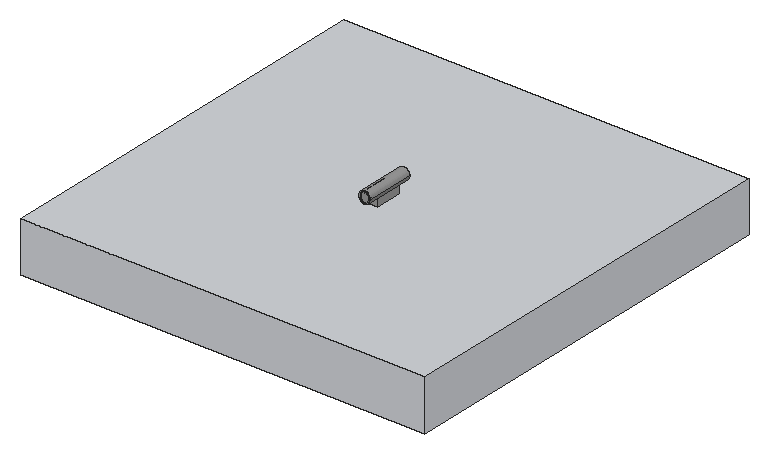
Revit family "LAMP_LUP WALL 70 DIRECT", category Luminarias, Revit 2018 (continued)
Parameters (values of type "665LM 3000 ASYM BLACK")
     151.71 \r\n124.01 101.00 82.60 67.24 55.54 49.55 45.02 41.24 38.31 \r\n35.64 33.17 30.29 27.19 23.86 20.08 16.76 13.97 11.75 \r\n9.96 8.61 7.71 6.80 5.85 5.00 4.29 3.73 3.20 2.74 2.35 \r\n2.08 1.86 1.65 1.36 1.00 0.60 0.32 0.17 0.00 0.00 0.00 \r\n0.00 0.00 0.00 0.00 0.00 0.00 0.00 0.00 0.00 0.00 0.00 \r\n0.00 0.00 0.00 0.00 0.00 0.00 0.00 0.00 0.00 0.00 0.00 \r\n0.00 0.00 0.00 0.00 0.00 0.00 0.00 0.00 0.00 0.00 0.00 \r\n0.00 0.00 0.00 0.00 0.00 0.00 0.00 0.00 0.00 0.00 \r\n455.10 402.91 356.79 312.43 268.95 229.36 194.20 163.44 \r\n135.89 111.90 91.67 74.60 60.81 53.34 47.70 43.15 39.85 \r\n37.10 34.34 31.05 27.86 24.33 20.44 16.99 14.12 11.88 \r\n10.10 8.77 7.85 6.92 5.93 5.06 4.34 3.77 3.25 2.77 2.36 \r\n2.07 1.84 1.63 1.35 0.99 0.60 0.32 0.17 0.00 0.00 0.00 \r\n0.00 0.00 0.00 0.00 0.00 0.00 0.00 0.00 0.00 0.00 0.00 \r\n0.00 0.00 0.00 0.00 0.00 0.00 0.00 0.00 0.00 0.00 0.00 \r\n0.00 0.00 0.00 0.00 0.00 0.00 0.00 0.00 0.00 0.00 0.00 \r\n0.00 0.00 0.00 0.00 0.00 0.00 0.00 0.00 0.00 0.00 \r\n455.10 405.84 362.02 319.55 278.26 240.51 206.54 176.46 \r\n149.42 125.26 104.52 86.85 72.52 64.39 57.56 51.83 46.54 \r\n41.69 37.32 33.06 29.03 25.22 21.06 17.43 14.41 12.09 \r\n10.26 8.90 7.97 7.03 6.04 5.15 4.41 3.82 3.29 2.81 2.38 \r\n2.08 1.83 1.61 1.33 0.99 0.60 0.32 0.17 0.00 0.00 0.00 \r\n0.00 0.00 0.00 0.00 0.00 0.00 0.00 0.00 0.00 0.00 0.00 \r\n0.00 0.00 0.00 0.00 0.00 0.00 0.00 0.00 0.00 0.00 0.00 \r\n0.00 0.00 0.00 0.00 0.00 0.00 0.00 0.00 0.00 0.00 0.00 \r\n0.00 0.00 0.00 0.00 0.00 0.00 0.00 0.00 0.00 0.00 \r\n455.10 408.83 367.33 327.16 287.82 251.83 219.38 190.15 \r\n164.08 141.12 121.05 103.41 88.66 78.20 69.45 61.78 54.09 \r\n47.09 40.77 35.15 30.30 26.14 21.73 17.90 14.71 12.32 \r\n10.43 9.00 8.08 7.13 6.15 5.24 4.49 3.88 3.34 2.84 2.41 \r\n2.09 1.83 1.59 1.31 0.97 0.60 0.32 0.16 0.00 0.00 0.00 \r\n0.00 0.00 0.00 0.00 0.00 0.00 0.00 0.00 0.00 0.00 0.00 \r\n0.00 0.00 0.00 0.00 0.00 0.00 0.00 0.00 0.00 0.00 0.00 \r\n0.00 0.00 0.00 0.00 0.00 0.00 0.00 0.00 0.00 0.00 0.00 \r\n0.00 0.00 0.00 0.00 0.00 0.00 0.00 0.00 0.00 0.00 \r\n455.10 411.86 372.96 334.86 297.56 263.30 232.58 204.60 \r\n179.43 157.30 137.51 119.93 104.39 92.20 81.48 71.92 \r\n61.81 52.47 44.18 37.26 31.58 27.05 22.40 18.37 15.00 \r\n12.54 10.60 9.14 8.19 7.24 6.27 5.34 4.56 3.92 3.38 2.88 \r\n2.44 2.10 1.82 1.57 1.30 0.96 0.60 0.32 0.16 0.00 0.00 \r\n0.00 0.00 0.00 0.00 0.00 0.00 0.00 0.00 0.00 0.00 0.00 \r\n0.00 0.00 0.00 0.00 0.00 0.00 0.00 0.00 0.00 0.00 0.00 \r\n0.00 0.00 0.00 0.00 0.00 0.00 0.00 0.00 0.00 0.00 0.00 \r\n0.00 0.00 0.00 0.00 0.00 0.00 0.00 0.00 0.00 0.00 0.00 \r\n455.10 414.94 378.75 342.63 307.46 274.89 245.84 218.98 \r\n194.78 173.49 154.02 136.20 120.00 106.12 93.46 81.88 \r\n69.36 57.87 47.58 39.34 32.85 27.97 23.07 18.84 15.28 \r\n12.77 10.76 9.28 8.30 7.34 6.38 5.43 4.63 3.98 3.42 2.92 \r\n2.46 2.11 1.82 1.56 1.28 0.95 0.59 0.32 0.17 0.00 0.00 \r\n0.00 0.00 0.00 0.00 0.00 0.00 0.00 0.00 0.00 0.00 0.00 \r\n0.00 0.00 0.00 0.00 0.00 0.00 0.00 0.00 0.00 0.00 0.00 \r\n0.00 0.00 0.00 0.00 0.00 0.00 0.00 0.00 0.00 0.00 0.00 \r\n0.00 0.00 0.00 0.00 0.00 0.00 0.00 0.00 0.00 0.00 0.00 \r\n455.10 418.07 384.60 350.49 317.38 286.53 259.10 233.26 \r\n210.20 189.56 170.54 152.67 135.81 119.87 105.34 91.87 \r\n77.02 63.26 51.07 41.45 34.12 28.87 23.74 19.30 15.63 \r\n12.99 10.93 9.39 8.41 7.45 6.49 5.53 4.70 4.03 3.46 2.95 \r\n2.49 2.13 1.82 1.53 1.26 0.94 0.58 0.32 0.17 0.00 0.00 \r\n0.00 0.00 0.00 0.00 0.00 0.00 0.00 0.00 0.00 0.00 0.00 \r\n0.00 0.00 0.00 0.00 0.00 0.00 0.00 0.00 0.00 0.00 0.00 \r\n0.00 0.00 0.00 0.00 0.00 0.00 0.00 0.00 0.00 0.00 0.00 \r\n0.00 0.00 0.00 0.00 0.00 0.00 0.00 0.00 0.00 0.00 0.00 \r\n455.10 421.23 390.50 358.42 327.39 298.23 272.42 247.59 \r\n225.50 205.75 187.07 169.08 151.65 133.74 117.29 102.04 \r\n84.63 68.66 54.33 43.56 35.40 29.79 24.42 19.77 15.90 \r\n13.22 11.10 9.53 8.52 7.55 6.60 5.61 4.78 4.08 3.51 2.99 \r\n2.52 2.14 1.81 1.51 1.24 0.93 0.58 0.32 0.17 0.00 0.00 \r\n0.00 0.00 0.00 0.00 0.00 0.00 0.00 0.00 0.00 0.00 0.00 \r\n0.00 0.00 0.00 0.00 0.00 0.00 0.00 0.00 0.00 0.00 0.00 \r\n0.00 0.00 0.00 0.00 0.00 0.00 0.00 0.00 0.00 0.00 0.00 \r\n0.00 0.00 0.00 0.00 0.00 0.00 0.00 0.00 0.00 0.00 0.00 \r\n455.10 424.48 396.46 366.56 337.54 310.15 285.87 262.09 \r\n241.10 221.91 204.03 185.52 168.09 147.74 129.95 112.17 \r\n92.25 74.59 58.04 45.65 36.67 30.73 25.07 20.24 16.23 \r\n13.45 11.27 9.66 8.63 7.66 6.71 5.71 4.85 4.14 3.55 3.02 \r\n2.55 2.16 1.80 1.50 1.23 0.92 0.57 0.32 0.17 0.00 0.00 \r\n0.00 0.00 0.00 0.00 0.00 0.00 0.00 0.00 0.00 0.00 0.00 \r\n0.00 0.00 0.00 0.00 0.00 0.00 0.00 0.00 0.00 0.00 0.00 \r\n0.00 0.00 0.00 0.00 0.00 0.00 0.00 0.00 0.00 0.00 0.00 \r\n0.00 0.00 0.00 0.00 0.00 0.00 0.00 0.00 0.00 0.00 0.00 \r\n455.10 427.86 402.48 375.13 347.84 322.61 299.42 277.36 \r\n256.92 239.40 221.48 204.40 186.09 166.61 146.88 129.10 \r\n107.82 87.33 68.87 53.32 41.70 33.39 26.57 21.04 16.77 \r\n13.91 11.62 9.87 8.82 7.81 6.84 5.83 4.94 4.22 3.61 3.07 \r\n2.58 2.17 1.81 1.50 1.21 0.90 0.57 0.31 0.17 0.00 0.00 \r\n0.00 0.00 0.00 0.00 0.00 0.00 0.00 0.00 0.00 0.00 0.00 \r\n0.00 0.00 0.00 0.00 0.00 0.00 0.00 0.00 0.00 0.00 0.00 \r\n0.00 0.00 0.00 0.00 0.00 0.00 0.00 0.00 0.00 0.00 0.00 \r\n0.00 0.00 0.00 0.00 0.00 0.00 0.00 0.00 0.00 0.00 0.00 \r\n455.10 431.28 408.54 383.80 358.34 335.15 313.53 292.78 \r\n273.89 257.13 240.67 224.17 207.35 188.53 170.29 152.51 \r\n130.46 108.36 86.51 66.74 50.42 37.89 28.89 22.21 17.72 \r\n14.62 12.17 10.29 9.09 8.01 7.00 5.97 5.07 4.32 3.69 3.13 \r\n2.61 2.20 1.83 1.49 1.20 0.90 0.56 0.31 0.17 0.00 0.00 \r\n0.00 0.00 0.00 0.00 0.00 0.00 0.00 0.00 0.00 0.00 0.00 \r\n0.00 0.00 0.00 0.00 0.00 0.00 0.00 0.00 0.00 0.00 0.00 \r\n0.00 0.00 0.00 0.00 0.00 0.00 0.00 0.00 0.00 0.00 0.00 \r\n0.00 0.00 0.00 0.00 0.00 0.00 0.00 0.00 0.00 0.00 0.00 \r\n455.10 434.71 414.64 392.57 369.26 347.80 327.82 308.40 \r\n290.91 275.24 259.87 244.48 228.69 211.12 193.72 176.55 \r\n153.42 129.40 104.64 80.09 59.16 42.15 31.19 23.37 18.56 \r\n15.34 12.72 10.65 9.35 8.22 7.15 6.10 5.19 4.42 3.78 3.19 \r\n2.65 2.23 1.85 1.49 1.20 0.89 0.56 0.31 0.16 0.00 0.00 \r\n0.00 0.00 0.00 0.00 0.00 0.00 0.00 0.00 0.00 0.00 0.00 \r\n0.00 0.00 0.00 0.00 0.00 0.00 0.00 0.00 0.00 0.00 0.00 \r\n0.00 0.00 0.00 0.00 0.00 0.00 0.00 0.00 0.00 0.00 0.00 \r\n0.00 0.00 0.00 0.00 0.00 0.00 0.00 0.00 0.00 0.00 0.00 \r\n455.10 438.17 420.79 401.44 380.28 360.52 342.17 324.14 \r\n307.87 293.36 279.10 264.76 250.08 233.72 217.12 200.31 \r\n176.37 150.42 122.63 93.43 67.90 46.37 33.51 24.54 19.37 \r\n16.06 13.26 11.00 9.62 8.41 7.31 6.24 5.31 4.52 3.85 3.24 \r\n2.69 2.26 1.86 1.50 1.19 0.87 0.55 0.30 0.16 0.00 0.00 \r\n0.00 0.00 0.00 0.00 0.00 0.00 0.00 0.00 0.00 0.00 0.00 \r\n0.00 0.00 0.00 0.00 0.00 0.00 0.00 0.00 0.00 0.00 0.00 \r\n0.00 0.00 0.00 0.00 0.00 0.00 0.00 0.00 0.00 0.00 0.00 \r\n0.00 0.00 0.00 0.00 0.00 0.00 0.00 0.00 0.00 0.00 0.00 \r\n455.10 441.65 427.10 410.38 391.39 373.32 356.36 339.85 \r\n324.92 311.48 298.28 285.05 271.51 256.33 240.51 223.77 \r\n199.32 171.44 140.62 106.81 76.65 51.19 35.83 25.72 20.32 \r\n16.77 13.81 11.32 9.89 8.61 7.46 6.38 5.44 4.63 3.93 3.30 \r\n2.73 2.29 1.88 1.50 1.18 0.86 0.54 0.30 0.16 0.00 0.00 \r\n0.00 0.00 0.00 0.00 0.00 0.00 0.00 0.00 0.00 0.00 0.00 \r\n0.00 0.00 0.00 0.00 0.00 0.00 0.00 0.00 0.00 0.00 0.00 \r\n0.00 0.00 0.00 0.00 0.00 0.00 0.00 0.00 0.00 0.00 0.00 \r\n0.00 0.00 0.00 0.00 0.00 0.00 0.00 0.00 0.00 0.00 0.00 \r\n455.10 445.14 433.45 419.34 402.59 386.22 370.68 355.54 \r\n341.84 329.57 317.50 305.38 292.95 278.89 263.90 247.32 \r\n222.24 192.49 158.68 120.19 85.41 55.85 38.14 26.88 21.23 \r\n17.49 14.35 11.70 10.16 8.81 7.62 6.52 5.56 4.74 4.01 \r\n3.35 2.77 2.32 1.89 1.50 1.18 0.85 0.53 0.30 0.16 0.00 \r\n0.00 0.00 0.00 0.00 0.00 0.00 0.00 0.00 0.00 0.00 0.00 \r\n0.00 0.00 0.00 0.00 0.00 0.00 0.00 0.00 0.00 0.00 0.00 \r\n0.00 0.00 0.00 0.00 0.00 0.00 0.00 0.00 0.00 0.00 0.00 \r\n0.00 0.00 0.00 0.00 0.00 0.00 0.00 0.00 0.00 0.00 0.00 \r\n0.00 \r\n455.10 448.65 439.81 428.34 413.79 399.16 384.99 371.28 \r\n358.90 347.74 336.73 325.66 314.33 301.46 287.30 270.95 \r\n245.17 213.53 176.73 133.56 94.18 60.40 40.45 28.04 22.12 \r\n18.20 14.89 12.09 10.43 9.01 7.78 6.66 5.68 4.85 4.09 \r\n3.41 2.81 2.34 1.91 1.50 1.17 0.84 0.52 0.30 0.16 0.00 \r\n0.00 0.00 0.00 0.00 0.00 0.00 0.00 0.00 0.00 0.00 0.00 \r\n0.00 0.00 0.00 0.00 0.00 0.00 0.00 0.00 0.00 0.00 0.00 \r\n0.00 0.00 0.00 0.00 0.00 0.00 0.00 0.00 0.00 0.00 0.00 \r\n0.00 0.00 0.00 0.00 0.00 0.00 0.00 0.00 0.00 0.00 0.00 \r\n0.00 \r\n455.10 452.17 446.21 437.40 425.08 412.16 399.18 386.63 \r\n375.17 364.72 354.48 344.16 333.57 321.60 308.12 292.08 \r\n266.37 233.65 194.55 147.32 103.64 65.62 43.18 29.42 \r\n23.09 19.02 15.56 12.55 10.76 9.25 7.95 6.81 5.81 4.96 \r\n4.18 3.47 2.86 2.38 1.93 1.50 1.16 0.83 0.52 0.29 0.15 \r\n0.00 0.00 0.00 0.00 0.00 0.00 0.00 0.00 0.00 0.00 0.00 \r\n0.00 0.00 0.00 0.00 0.00 0.00 0.00 0.00 0.00 0.00 0.00 \r\n0.00 0.00 0.00 0.00 0.00 0.00 0.00 0.00 0.00 0.00 0.00 \r\n0.00 0.00 0.00 0.00 0.00 0.00 0.00 0.00 0.00 0.00 0.00 \r\n0.00 0.00 \r\n455.10 455.69 452.64 446.50 436.46 425.28 413.53 402.18 \r\n391.64 381.43 371.34 360.95 350.08 337.78 323.93 307.65 \r\n282.38 249.73 210.14 161.14 115.00 73.86 47.83 31.71 \r\n24.43 20.16 16.53 13.33 11.36 9.67 8.24 7.01 5.97 5.09 \r\n4.28 3.56 2.92 2.43 1.96 1.52 1.16 0.83 0.52 0.29 0.15 \r\n0.00 0.00 0.00 0.00 0.00 0.00 0.00 0.00 0.00 0.00 0.00 \r\n0.00 0.00 0.00 0.00 0.00 0.00 0.00 0.00 0.00 0.00 0.00 \r\n0.00 0.00 0.00 0.00 0.00 0.00 0.00 0.00 0.00 0.00 0.00 \r\n0.00 0.00 0.00 0.00 0.00 0.00 0.00 0.00 0.00 0.00 0.00 \r\n0.00 0.00 \r\n455.10 459.22 459.09 455.66 447.93 438.37 427.66 416.69 \r\n406.20 396.12 385.92 375.24 363.85 350.76 336.44 320.30 \r\n295.72 263.73 224.46 174.46 126.44 82.65 52.85 34.17 \r\n25.83 21.32 17.52 14.14 11.99 10.13 8.54 7.22 6.12 5.22 \r\n4.39 3.65 2.99 2.47 1.99 1.53 1.17 0.83 0.52 0.29 0.15 \r\n0.00 0.00 0.00 0.00 0.00 0.00 0.00 0.00 0.00 0.00 0.00 \r\n0.00 0.00 0.00 0.00 0.00 0.00 0.00 0.00 0.00 0.00 0.00 \r\n0.00 0.00 0.00 0.00 0.00 0.00 0.00 0.00 0.00 0.00 0.00 \r\n0.00 0.00 0.00 0.00 0.00 0.00 0.00 0.00 0.00 0.00 0.00 \r\n0.00 0.00 \r\n455.10 462.75 465.56 464.80 459.21 451.31 441.78 431.24 \r\n421.05 410.91 400.48 389.41 377.50 363.78 349.00 333.02 \r\n309.07 277.71 238.59 187.77 137.95 91.29 57.84 36.61 \r\n27.13 22.48 18.51 14.94 12.62 10.58 8.83 7.42 6.28 5.34 \r\n4.49 3.73 3.05 2.52 2.02 1.55 1.17 0.83 0.52 0.30 0.16 \r\n0.00 0.00 0.00 0.00 0.00 0.00 0.00 0.00 0.00 0.00 0.00 \r\n0.00 0.00 0.00 0.00 0.00 0.00 0.00 0.00 0.00 0.00 0.00 \r\n0.00 0.00 0.00 0.00 0.00 0.00 0.00 0.00 0.00 0.00 0.00 \r\n0.00 0.00 0.00 0.00 0.00 0.00 0.00 0.00 0.00 0.00 0.00 \r\n0.00 0.00 \r\n455.10 466.28 472.05 473.82 470.56 464.41 456.14 445.71 \r\n435.57 425.66 415.20 403.67 391.14 376.74 361.58 345.85 \r\n322.40 291.69 252.88 201.12 149.30 99.56 62.83 39.03 \r\n28.27 23.65 19.51 15.81 13.25 11.03 9.12 7.63 6.43 5.47 \r\n4.60 3.81 3.11 2.56 2.05 1.57 1.18 0.82 0.52 0.30 0.16 \r\n0.00 0.00 0.00 0.00 0.00 0.00 0.00 0.00 0.00 0.00 0.00 \r\n0.00 0.00 0.00 0.00 0.00 0.00 0.00 0.00 0.00 0.00 0.00 \r\n0.00 0.00 0.00 0.00 0.00 0.00 0.00 0.00 0.00 0.00 0.00 \r\n0.00 0.00 0.00 0.00 0.00 0.00 0.00 0.00 0.00 0.00 0.00 \r\n0.00 0.00 \r\n455.10 469.80 478.44 482.89 482.00 477.64 470.05 460.18 \r\n450.47 440.38 429.68 418.05 404.86 389.65 374.17 358.37 \r\n335.72 305.73 267.57 214.29 160.91 108.77 67.75 41.47 \r\n29.88 24.81 20.49 16.67 13.88 11.48 9.41 7.83 6.58 5.60 \r\n4.71 3.90 3.17 2.61 2.08 1.58 1.19 0.82 0.51 0.30 0.17 \r\n0.00 0.00 0.00 0.00 0.00 0.00 0.00 0.00 0.00 0.00 0.00 \r\n0.00 0.00 0.00 0.00 0.00 0.00 0.00 0.00 0.00 0.00 0.00 \r\n0.00 0.00 0.00 0.00 0.00 0.00 0.00 0.00 0.00 0.00 0.00 \r\n0.00 0.00 0.00 0.00 0.00 0.00 0.00 0.00 0.00 0.00 0.00 \r\n0.00 0.00 \r\n455.10 473.31 484.84 492.00 493.52 490.64 484.16 474.94 \r\n464.96 455.24 444.28 432.14 418.69 402.56 386.76 370.60 \r\n349.01 319.74 282.96 227.78 172.50 118.18 72.80 43.93 \r\n31.46 25.96 21.48 17.50 14.52 11.93 9.66 8.04 6.73 5.73 \r\n4.82 3.99 3.24 2.65 2.10 1.60 1.19 0.82 0.51 0.30 0.17 \r\n0.00 0.00 0.00 0.00 0.00 0.00 0.00 0.00 0.00 0.00 0.00 \r\n0.00 0.00 0.00 0.00 0.00 0.00 0.00 0.00 0.00 0.00 0.00 \r\n0.00 0.00 0.00 0.00 0.00 0.00 0.00 0.00 0.00 0.00 0.00 \r\n0.00 0.00 0.00 0.00 0.00 0.00 0.00 0.00 0.00 0.00 0.00 \r\n0.00 0.00 \r\n455.10 476.81 491.24 501.15 504.98 503.86 498.64 489.94 \r\n479.86 470.18 458.93 446.11 432.53 415.18 399.26 382.89 \r\n362.24 333.69 296.29 241.25 183.90 126.62 77.86 46.37 \r\n32.45 27.13 22.48 18.25 15.15 12.39 10.00 8.25 6.88 5.85 \r\n4.92 4.07 3.31 2.69 2.13 1.62 1.20 0.82 0.51 0.30 0.18 \r\n0.00 0.00 0.00 0.00 0.00 0.00 0.00 0.00 0.00 0.00 0.00 \r\n0.00 0.00 0.00 0.00 0.00 0.00 0.00 0.00 0.00 0.00 0.00 \r\n0.00 0.00 0.00 0.00 0.00 0.00 0.00 0.00 0.00 0.00 0.00 \r\n0.00 0.00 0.00 0.00 0.00 0.00 0.00 0.00 0.00 0.00 0.00 \r\n0.00 0.00 \r\n455.10 480.29 497.64 510.33 516.49 517.32 513.84 505.46 \r\n496.00 485.66 473.25 459.97 444.43 426.54 409.09 392.93 \r\n372.74 344.73 308.32 253.54 195.74 136.88 84.40 50.23 \r\n34.48 28.29 23.39 19.14 15.87 12.99 10.46 8.55 7.09 6.00 \r\n5.03 4.16 3.38 2.74 2.16 1.64 1.20 0.83 0.50 0.30 0.18 \r\n0.00 0.00 0.00 0.00 0.00 0.00 0.00 0.00 0.00 0.00 0.00 \r\n0.00 0.00 0.00 0.00 0.00 0.00 0.00 0.00 0.00 0.00 0.00 \r\n0.00 0.00 0.00 0.00 0.00 0.00 0.00 0.00 0.00 0.00 0.00 \r\n0.00 0.00 0.00 0.00 0.00 0.00 0.00 0.00 0.00 0.00 0.00 \r\n0.00 0.00 \r\n455.10 483.72 504.05 519.47 528.07 531.10 529.44 522.14 \r\n512.92 501.39 488.09 472.78 455.63 435.99 417.32 400.29 \r\n380.11 353.48 319.84 265.36 207.82 148.21 92.85 55.36 \r\n36.13 29.43 24.21 19.98 16.70 13.72 11.02 8.96 7.35 6.15 \r\n5.15 4.25 3.44 2.78 2.19 1.65 1.21 0.83 0.50 0.30 0.18 \r\n0.00 0.00 0.00 0.00 0.00 0.00 0.00 0.00 0.00 0.00 0.00 \r\n0.00 0.00 0.00 0.00 0.00 0.00 0.00 0.00 0.00 0.00 0.00 \r\n0.00 0.00 0.00 0.00 0.00 0.00 0.00 0.00 0.00 0.00 0.00 \r\n0.00 0.00 0.00 0.00 0.00 0.00 0.00 0.00 0.00 0.00 0.00 \r\n0.00 0.00 \r\n455.10 487.09 510.44 528.65 539.71 545.05 545.31 539.32 \r\n529.61 517.83 502.61 485.58 466.75 445.15 425.26 407.36 \r\n387.49 361.93 329.00 277.03 219.78 159.43 101.16 60.50 \r\n38.56 30.59 25.04 20.79 17.51 14.46 11.62 9.36 7.61 6.32 \r\n5.27 4.33 3.50 2.83 2.22 1.66 1.22 0.83 0.51 0.30 0.18 \r\n0.00 0.00 0.00 0.00 0.00 0.00 0.00 0.00 0.00 0.00 0.00 \r\n0.00 0.00 0.00 0.00 0.00 0.00 0.00 0.00 0.00 0.00 0.00 \r\n0.00 0.00 0.00 0.00 0.00 0.00 0.00 0.00 0.00 0.00 0.00 \r\n0.00 0.00 0.00 0.00 0.00 0.00 0.00 0.00 0.00 0.00 0.00 \r\n0.00 0.00 \r\n455.10 490.45 516.82 537.88 551.32 559.14 561.36 556.44 \r\n547.15 533.61 517.14 498.57 477.79 454.17 433.11 414.53 \r\n394.94 370.40 339.78 288.74 231.99 170.73 109.49 65.72 \r\n39.82 31.75 25.86 21.66 18.34 15.20 12.23 9.77 7.86 6.49 \r\n5.39 4.41 3.54 2.87 2.25 1.67 1.22 0.84 0.51 0.30 0.18 \r\n0.00 0.00 0.00 0.00 0.00 0.00 0.00 0.00 0.00 0.00 0.00 \r\n0.00 0.00 0.00 0.00 0.00 0.00 0.00 0.00 0.00 0.00 0.00 \r\n0.00 0.00 0.00 0.00 0.00 0.00 0.00 0.00 0.00 0.00 0.00 \r\n0.00 0.00 0.00 0.00 0.00 0.00 0.00 0.00 0.00 0.00 0.00 \r\n0.00 0.00 \r\n455.10 493.78 523.19 547.17 563.01 573.29 577.86 573.50 \r\n564.20 549.99 531.75 511.07 488.61 463.45 441.07 421.71 \r\n402.27 378.89 349.66 300.38 243.94 182.05 117.92 70.78 \r\n42.14 32.90 26.70 22.50 19.15 15.94 12.80 10.17 8.12 6.63 \r\n5.50 4.50 3.62 2.92 2.28 1.70 1.24 0.84 0.52 0.30 0.18 \r\n0.00 0.00 0.00 0.00 0.00 0.00 0.00 0.00 0.00 0.00 0.00 \r\n0.00 0.00 0.00 0.00 0.00 0.00 0.00 0.00 0.00 0.00 0.00 \r\n0.00 0.00 0.00 0.00 0.00 0.00 0.00 0.00 0.00 0.00 0.00 \r\n0.00 0.00 0.00 0.00 0.00 0.00 0.00 0.00 0.00 0.00 0.00 \r\n0.00 0.00 \r\n455.10 497.08 529.52 556.51 574.83 587.48 594.20 591.03 \r\n581.45 565.93 546.08 524.06 499.65 472.81 449.08 428.95 \r\n409.75 387.35 360.25 312.12 256.08 193.31 126.09 75.88 \r\n44.36 34.08 27.53 23.31 19.98 16.68 13.42 10.59 8.38 6.81 \r\n5.62 4.59 3.68 2.96 2.31 1.72 1.24 0.84 0.52 0.30 0.18 \r\n0.00 0.00 0.00 0.00 0.00 0.00 0.00 0.00 0.00 0.00 0.00 \r\n0.00 0.00 0.00 0.00 0.00 0.00 0.00 0.00 0.00 0.00 0.00 \r\n0.00 0.00 0.00 0.00 0.00 0.00 0.00 0.00 0.00 0.00 0.00 \r\n0.00 0.00 0.00 0.00 0.00 0.00 0.00 0.00 0.00 0.00 0.00 \r\n0.00 0.00 \r\n455.10 500.35 535.76 565.90 586.80 601.93 610.23 608.70 \r\n599.02 582.68 561.26 537.19 510.86 481.95 456.94 435.88 \r\n417.11 395.84 370.02 323.69 268.21 204.65 134.48 81.10 \r\n46.37 35.24 28.35 24.19 20.80 17.42 14.00 10.99 8.65 6.97 \r\n5.74 4.67 3.73 3.00 2.34 1.74 1.25 0.84 0.52 0.30 0.18 \r\n0.00 0.00 0.00 0.00 0.00 0.00 0.00 0.00 0.00 0.00 0.00 \r\n0.00 0.00 0.00 0.00 0.00 0.00 0.00 0.00 0.00 0.00 0.00 \r
